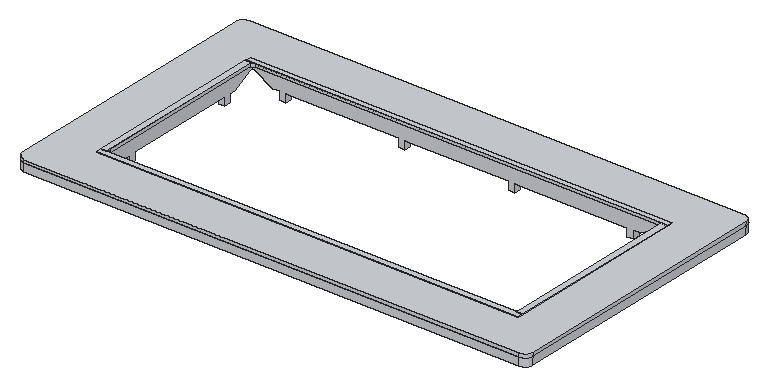
Revit family "Gira_0212095", category Electrical Fixtures, host Face, Revit 2017
Family settings
  Host = Face
  Maintain Annotation Orientation = No
  Round Connector Dimension = Use Diameter
  Part Type = Normal
  Cut with Voids When Loaded = No
  Shared = No
  Room Calculation Point = No
Parameters (values of type "Abdeckrahmen 2f o.M. flach Gira E2 Schwarz m")
  Werkstoffgüte = "Thermoplast"
  Werkstoff = "Kunststoff"
  URL = "http://katalog.gira.de/de_DE/datenblatt.html?artikelnr=1002095"
  Transparent = "No"
  Textfeld/Beschriftungsfläche = "No"
  Schutzart (IP) = "IP20"
  Region = "DE"
  Oberfläche = "sonstige"
  Name = "Abdeckrahmen 2f o.M. flach Gira E2 Schwarz m"
  Montagerichtung = "horizontal und vertikal"
  Mit Montagerahmen = "No"
  Mit Klappdeckel = "No"
  Manufacturer URL = "https://www.gira.de/"
  Keynote = "E2flach_Rahmen_2fach o.Mittelsteg"
  HeinzeBIM = "https://bimportal.heinze.de/bim/abdeckrahmen-2f-o-m-flach-gira-e2-schwarz-m/d7c41dc1da2260e045b5810b81c928896516be17"
  Halogenfrei = "Yes"
  HAN = "1002095"
  Geeignet für Unterputz-Installation = "Yes"
  Geeignet für Unterflurkanaldose = "No"
  Geeignet für Geräteeinbaukanal = "No"
  Geeignet für Einbauinstallation = "No"
  GTIN = "4010337036791"
  Farbe = "schwarz"
  Default Elevation = 1219.2 mm
  Data sheet (1) = "https://katalog.gira.de/de_DE/download.html?artikelnr=1002095"
  Category = "Abdeckrahmen"
  Befestigungsart = "Klemmbefestigung"
  Available = "Yes"
  Ausführung der Oberfläche = "matt"
  Anzahl der Einheiten vertikal = "2 "
  Anzahl der Einheiten horizontal = "2 "
  Anzahl der Einheiten = "2 "
Reference planes
  plane 1 "Center (Front/Back)": y = 0
  plane 2: z = 0
  plane 3 "Center (Left/Right)": x = 0
Forms (mm)
  Extrusion 1, solid, detail levels fine
    sketch origin (0, 0, 0) x (1, 0, 0) y (0, 1, 0)
      loop
        arc (-77, 43.9) -> (-78.768, 43.168) -> (-79.5, 41.4) r 2.5
        line (-79.5, 41.4) -> (-79.5, -41.4)
        arc (-79.5, -41.4) -> (-78.768, -43.168) -> (-77, -43.9) r 2.5
        line (-77, -43.9) -> (77, -43.9)
        arc (77, -43.9) -> (78.768, -43.168) -> (79.5, -41.4) r 2.5
        line (79.5, -41.4) -> (79.5, 41.4)
        arc (79.5, 41.4) -> (78.768, 43.168) -> (77, 43.9) r 2.5
        line (77, 43.9) -> (-77, 43.9)
      loop
        spline (-63.744, -27.245) -> (-63.736, -27.363) -> (-63.713, -27.478) -> (-63.675, -27.589) -> (-63.623, -27.695) -> (-63.558, -27.792) -> (-63.481, -27.881) -> (-63.392, -27.958) -> (-63.295, -28.023) -> (-63.189, -28.075) -> (-63.078, -28.113) -> (-62.963, -28.136) -> (-62.845, -28.144)
        line (-62.845, -28.144) -> (62.845, -28.144)
        spline (62.845, -28.144) -> (62.963, -28.136) -> (63.078, -28.113) -> (63.189, -28.075) -> (63.295, -28.023) -> (63.392, -27.958) -> (63.481, -27.881) -> (63.558, -27.792) -> (63.623, -27.695) -> (63.675, -27.589) -> (63.713, -27.478) -> (63.736, -27.363) -> (63.744, -27.245)
        line (63.744, -27.245) -> (63.744, 27.245)
        spline (63.744, 27.245) -> (63.736, 27.363) -> (63.713, 27.478) -> (63.675, 27.589) -> (63.623, 27.695) -> (63.558, 27.792) -> (63.481, 27.881) -> (63.392, 27.958) -> (63.295, 28.023) -> (63.189, 28.075) -> (63.078, 28.113) -> (62.963, 28.136) -> (62.845, 28.144)
        line (62.845, 28.144) -> (-62.845, 28.144)
        spline (-62.845, 28.144) -> (-62.963, 28.136) -> (-63.078, 28.113) -> (-63.189, 28.075) -> (-63.295, 28.023) -> (-63.392, 27.958) -> (-63.481, 27.881) -> (-63.558, 27.792) -> (-63.623, 27.695) -> (-63.675, 27.589) -> (-63.713, 27.478) -> (-63.736, 27.363) -> (-63.744, 27.245)
        line (-63.744, 27.245) -> (-63.744, -27.245)
    from 2.5 to 3.4
  Extrusion 2, solid, detail levels fine
    sketch origin (0, 0, 0) x (1, 0, 0) y (0, 1, 0)
      loop
        arc (-77, 43.9) -> (-78.768, 43.168) -> (-79.5, 41.4) r 2.5
        line (-79.5, 41.4) -> (-79.5, -41.4)
        arc (-79.5, -41.4) -> (-78.768, -43.168) -> (-77, -43.9) r 2.5
        line (-77, -43.9) -> (77, -43.9)
        arc (77, -43.9) -> (78.768, -43.168) -> (79.5, -41.4) r 2.5
        line (79.5, -41.4) -> (79.5, 41.4)
        arc (79.5, 41.4) -> (78.768, 43.168) -> (77, 43.9) r 2.5
        line (77, 43.9) -> (-77, 43.9)
      loop
        arc (-77, 43.4) -> (-78.414, 42.814) -> (-79, 41.4) r 2
        line (-79, 41.4) -> (-79, -41.4)
        arc (-79, -41.4) -> (-78.414, -42.814) -> (-77, -43.4) r 2
        line (-77, -43.4) -> (77, -43.4)
        arc (77, -43.4) -> (78.414, -42.814) -> (79, -41.4) r 2
        line (79, -41.4) -> (79, 41.4)
        arc (79, 41.4) -> (78.414, 42.814) -> (77, 43.4) r 2
        line (77, 43.4) -> (-77, 43.4)
    from 0 to 2.5
  Extrusion 3, solid, detail levels fine
    sketch origin (35.6, 0, 0) x (0, -1, 0) y (0, 0, -1)
      loop
        line (-17.5, 4.06) -> (-19.5, 4.06) -> (-19.5, 1.56) -> (-21.654, 1.56) -> (-27.214, -1.65) -> (-28.144, -1.65) -> (-28.144, -3.4) -> (28.144, -3.4) -> (28.144, -1.65) -> (27.214, -1.65) -> (21.654, 1.56) -> (19.5, 1.56) -> (19.5, 4.06) -> (17.5, 4.06) -> (17.5, 1.56) -> (-17.5, 1.56) -> (-17.5, 4.06)
    from 28.144 to 30
  Extrusion 4, solid, detail levels fine
    sketch origin (0, 0, 0) x (1, 0, 0) y (0, 0, -1)
      loop
        line (-53.1, 4.06) -> (-55.1, 4.06) -> (-55.1, 1.56) -> (-57.254, 1.56) -> (-62.814, -1.65) -> (-65.6, -1.65) -> (-65.6, -3.4) -> (65.6, -3.4) -> (65.6, -1.65) -> (62.814, -1.65) -> (57.254, 1.56) -> (55.1, 1.56) -> (55.1, 4.06) -> (53.1, 4.06) -> (53.1, 1.56) -> (18.1, 1.56) -> (18.1, 4.042) -> (16.1, 4.042) -> (16.1, 1.542) -> (-16.1, 1.542) -> (-16.1, 4.042) -> (-18.1, 4.042) -> (-18.1, 1.56) -> (-53.1, 1.56) -> (-53.1, 4.06)
    from 28.144 to 30
  Extrusion 5, solid, detail levels coarse
    sketch origin (0, 0, 0) x (1, 0, 0) y (0, 1, 0)
      loop
        line (-79.5, 43.9) -> (-79.5, -43.9) -> (79.5, -43.9) -> (79.5, 43.9) -> (-79.5, 43.9)
    from -4.06 to 3.4
  Extrusion 6, solid, detail levels medium
    sketch origin (0, 0, 0) x (1, 0, 0) y (0, 1, 0)
      loop
        line (-79.5, 43.9) -> (-79.5, -43.9) -> (79.5, -43.9) -> (79.5, 43.9) -> (-79.5, 43.9)
    from 0 to 3.4
  Extrusion 7, solid, detail levels medium
    sketch origin (0, 0, 0) x (1, 0, 0) y (0, 0, -1)
      loop
        line (-53.1, 4.06) -> (-55.1, 4.06) -> (-55.1, 1.56) -> (-65.6, 1.56) -> (-65.6, -3.4) -> (65.6, -3.4) -> (65.6, 1.56) -> (55.1, 1.56) -> (55.1, 4.06) -> (53.1, 4.06) -> (53.1, 1.56) -> (18.1, 1.56) -> (18.1, 4.06) -> (16.1, 4.06) -> (16.1, 1.542) -> (-16.1, 1.542) -> (-16.1, 4.06) -> (-18.1, 4.06) -> (-18.1, 1.56) -> (-53.1, 1.56) -> (-53.1, 4.06)
    from 28.144 to 30
  Extrusion 8, solid, detail levels medium
    sketch origin (35.6, 0, 0) x (0, -1, 0) y (0, 0, -1)
      loop
        line (-17.5, 4.06) -> (-19.5, 4.06) -> (-19.5, 1.56) -> (-28.144, 1.56) -> (-28.144, -3.4) -> (28.144, -3.4) -> (28.144, 1.56) -> (19.5, 1.56) -> (19.5, 4.06) -> (17.5, 4.06) -> (17.5, 1.56) -> (-17.5, 1.56) -> (-17.5, 4.06)
    from 28.144 to 30
  Extrusion 9, solid, detail levels fine
    sketch origin (0, 0, 0) x (1, 0, 0) y (0, 0, 1)
      loop
        line (-53.1, -4.06) -> (-53.1, -1.56) -> (-18.1, -1.56) -> (-18.1, -4.042) -> (-16.1, -4.042) -> (-16.1, -1.542) -> (16.1, -1.542) -> (16.1, -4.042) -> (18.1, -4.042) -> (18.1, -1.56) -> (53.1, -1.56) -> (53.1, -4.06) -> (55.1, -4.06) -> (55.1, -1.56) -> (57.254, -1.56) -> (62.814, 1.65) -> (65.6, 1.65) -> (65.6, 3.4) -> (-65.6, 3.4) -> (-65.6, 1.65) -> (-62.814, 1.65) -> (-57.254, -1.56) -> (-55.1, -1.56) -> (-55.1, -4.06) -> (-53.1, -4.06)
    from 28.144 to 30
  Extrusion 10, solid, detail levels medium
    sketch origin (0, 0, 0) x (1, 0, 0) y (0, 0, 1)
      loop
        line (-53.1, -4.06) -> (-53.1, -1.56) -> (-18.1, -1.56) -> (-18.1, -4.06) -> (-16.1, -4.06) -> (-16.1, -1.542) -> (16.1, -1.542) -> (16.1, -4.06) -> (18.1, -4.06) -> (18.1, -1.56) -> (53.1, -1.56) -> (53.1, -4.06) -> (55.1, -4.06) -> (55.1, -1.56) -> (65.6, -1.56) -> (65.6, 3.4) -> (-65.6, 3.4) -> (-65.6, -1.56) -> (-55.1, -1.56) -> (-55.1, -4.06) -> (-53.1, -4.06)
    from 28.144 to 30
  Extrusion 11, solid, detail levels fine
    sketch origin (-35.6, 0, 0) x (0, -1, 0) y (0, 0, 1)
      loop
        line (-17.5, -4.06) -> (-17.5, -1.56) -> (17.5, -1.56) -> (17.5, -4.06) -> (19.5, -4.06) -> (19.5, -1.56) -> (21.654, -1.56) -> (27.214, 1.65) -> (28.144, 1.65) -> (28.144, 3.4) -> (-28.144, 3.4) -> (-28.144, 1.65) -> (-27.214, 1.65) -> (-21.654, -1.56) -> (-19.5, -1.56) -> (-19.5, -4.06) -> (-17.5, -4.06)
    from 28.144 to 30
  Extrusion 12, solid, detail levels medium
    sketch origin (-35.6, 0, 0) x (0, -1, 0) y (0, 0, 1)
      loop
        line (-17.5, -4.06) -> (-17.5, -1.56) -> (17.5, -1.56) -> (17.5, -4.06) -> (19.5, -4.06) -> (19.5, -1.56) -> (28.144, -1.56) -> (28.144, 3.4) -> (-28.144, 3.4) -> (-28.144, -1.56) -> (-19.5, -1.56) -> (-19.5, -4.06) -> (-17.5, -4.06)
    from 28.144 to 30
Dimensions and locks
  aligned and locked: plane 2 to host face
  aligned and locked: level to host face
